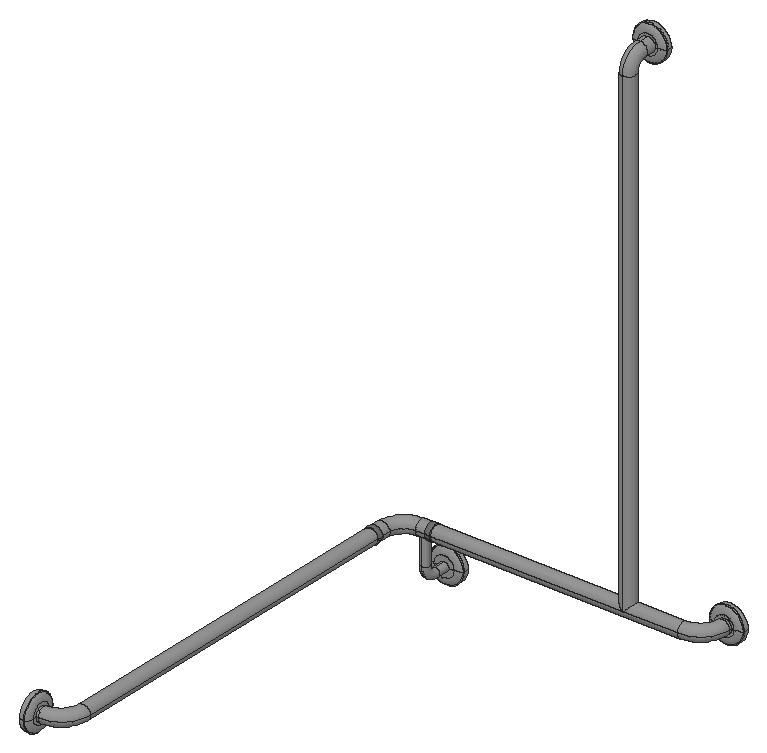
Revit family "RBA4110-754", category Plumbing Fixtures, Revit 2021
Family settings
  Round Connector Dimension = Use Diameter
  Part Type = Normal
  Work Plane-Based = No
  Always vertical = Yes
  Cut with Voids When Loaded = No
  Shared = No
  Room Calculation Point = No
Parameters (values of type "RBA4110-754")
  Watermarked By = "www.rba.com.au"
  URL = "http://www.rba.com.au/accessible-disabled/grab-rails"
  R_Void [instance] = 15.00 mm
  R [instance] = 0.00 mm
  Phone Number = "1300 788 778"
  Modified Issue = "20190911.01"
  Model = "RBA4110-754"
  Materials and Finishes = Stainless Steel, Satin Finish
  Manufacturer = "RBA Group"  # constant formula
  Description = "2 Wall Grab Bar with 90° Angled Shower Rail"
  Default Elevation = 0.00 mm
  Copyright by = "RBA Group"  # constant formula
  Assembly Code = ""
Reference planes
  plane 1 "Center (Front/Back)": y = 0
  plane 2: z = 0
  plane 3: x = 40.5
  plane 4: z = 1100
  plane 5: z = -100
  plane 6: y = -246
  plane 7: y = -1000
  plane 8: x = 790.5
  plane 9: x = 620.5
  plane 10: x = 177.05
  plane 11: x = 157.95
  plane 12: y = -71
  plane 13: x = 127.5
  plane 14: x = 95.5
  plane 15: y = -87
  plane 16: x = 167.5
Forms (mm)
  Sweep 1, solid, material "Stainless Steel, Satin Finish" <- "Materials and Finishes"
    path origin (620.6, 11.454, 1100) x (0, -1, 0) y (0, 0, -1)
      loop
        line (21.454, 0) -> (50.454, 0)
        arc (50.454, 0) -> (73.082, 9.373) -> (82.454, 32) r 32
        line (82.454, 32) -> (82.454, 1100)
    profile origin (620.6, -24.5, 1100) x (0, 0, -1) y (1, 0, 0)
      loop
        circle (0, 0) r 16
  Sweep 2, solid, material "Stainless Steel, Satin Finish" <- "Materials and Finishes"
    path origin (81, 0, 0) x (-1, 0, 0) y (0, -1, 0)
      loop
        line (32.412, 1000) -> (17.5, 1000)
        arc (17.5, 1000) -> (-16.441, 985.941) -> (-30.5, 952) r 48
        line (-30.5, 952) -> (-30.5, 119)
        arc (-30.5, 119) -> (-44.559, 85.059) -> (-78.5, 71) r 48
        line (-78.5, 71) -> (-661.5, 71)
        arc (-661.5, 71) -> (-695.441, 56.941) -> (-709.5, 23) r 48
        line (-709.5, 23) -> (-709.5, 7.508)
    profile origin (790.5, -15.254, 0) x (-1, 0, 0) y (0, 0, 1)
      loop
        circle (0, 0) r 16
  Revolve 3, solid, material "Stainless Steel, Satin Finish" <- "Materials and Finishes"
    sketch origin (790.5, 18.663, 0) x (0, -1, 0) y (1, 0, 0)
      loop
        line (18.663, 37.8) -> (27.574, 37.8)
        arc (27.574, 37.8) -> (28.266, 37.668) -> (28.861, 37.29) r 1.88
        arc (28.861, 37.29) -> (33.449, 30.496) -> (34.671, 22.391) r 18.6
        line (34.671, 22.391) -> (34.671, 0) -> (35.671, 0) -> (35.671, 22.355)
        arc (35.671, 22.355) -> (34.374, 30.877) -> (29.546, 38.018) r 19.6
        arc (29.546, 38.018) -> (28.635, 38.597) -> (27.574, 38.8) r 2.88
        line (27.574, 38.8) -> (18.663, 38.8) -> (18.663, 37.8)
      axis (18.663, 0) -> (35.671, 0)
    angle from 0 to 360
  Extrusion 4, void
    sketch origin (81, 0, 0) x (-1, 0, 0) y (0, 0, -1)
      loop
        circle (-695.25, -24.393) r 3.25
      loop
        circle (-723.75, -24.393) r 3.25
      loop
        circle (-737.75, 0) r 3.25
      loop
        circle (-723.75, 24.393) r 3.25
      loop
        circle (-695.25, 24.393) r 3.25
      loop
        circle (-681.25, 0) r 3.25
    from 0 to 5
  Revolve 5, solid, material "Stainless Steel, Satin Finish" <- "Materials and Finishes"
    sketch origin (1036.6, -40.5, 0) x (0, 1, 0) y (-1, 0, 0)
      loop
        line (24.492, 246.1) -> (24.492, 223.709)
        arc (24.492, 223.709) -> (25.714, 215.604) -> (30.302, 208.81) r 18.6
        arc (30.302, 208.81) -> (30.897, 208.432) -> (31.59, 208.3) r 1.88
        line (31.59, 208.3) -> (39.5, 208.3) -> (39.5, 246.1) -> (24.492, 246.1)
      axis (24.492, 246.1) -> (39.5, 246.1)
    angle from 0 to 360
  Revolve 6, solid, material "Stainless Steel, Satin Finish" <- "Materials and Finishes"
    sketch origin (620.5, 18.663, 1100) x (0, -1, 0) y (1, 0, 0)
      loop
        line (18.663, 37.8) -> (27.574, 37.8)
        arc (27.574, 37.8) -> (28.266, 37.668) -> (28.861, 37.29) r 1.88
        arc (28.861, 37.29) -> (33.449, 30.496) -> (34.671, 22.391) r 18.6
        line (34.671, 22.391) -> (34.671, 0) -> (35.671, 0) -> (35.671, 22.355)
        arc (35.671, 22.355) -> (34.374, 30.877) -> (29.546, 38.018) r 19.6
        arc (29.546, 38.018) -> (28.635, 38.597) -> (27.574, 38.8) r 2.88
        line (27.574, 38.8) -> (18.663, 38.8) -> (18.663, 37.8)
      axis (18.663, 0) -> (35.671, 0)
    angle from 0 to 360
  Extrusion 7, void
    sketch origin (-89, 0, 1100) x (-1, 0, 0) y (0, 0, -1)
      loop
        circle (-695.25, -24.393) r 3.25
      loop
        circle (-723.75, -24.393) r 3.25
      loop
        circle (-737.75, 0) r 3.25
      loop
        circle (-723.75, 24.393) r 3.25
      loop
        circle (-695.25, 24.393) r 3.25
      loop
        circle (-681.25, 0) r 3.25
    from 0 to 5
  Revolve 8, solid, material "Stainless Steel, Satin Finish" <- "Materials and Finishes"
    sketch origin (866.6, -40.5, 1100) x (0, 1, 0) y (-1, 0, 0)
      loop
        line (24.492, 246.1) -> (24.492, 223.709)
        arc (24.492, 223.709) -> (25.714, 215.604) -> (30.302, 208.81) r 18.6
        arc (30.302, 208.81) -> (30.897, 208.432) -> (31.59, 208.3) r 1.88
        line (31.59, 208.3) -> (39.5, 208.3) -> (39.5, 246.1) -> (24.492, 246.1)
      axis (24.492, 246.1) -> (39.5, 246.1)
    angle from 0 to 360
  Sweep 9, solid, material "Stainless Steel, Satin Finish" <- "Materials and Finishes"
    path origin (167.5, 11.454, -85) x (0, -1, 0) y (0, 0, 1)
      loop
        line (20.454, -15) -> (54.454, -15)
        arc (54.454, -15) -> (74.253, -6.799) -> (82.454, 13) r 28
        line (82.454, 13) -> (82.454, 85)
    profile origin (167.5, -26, -100) x (0, 0, 1) y (-1, 0, 0)
      loop
        circle (0, 0) r 9.55
  Revolve 10, solid, material "Stainless Steel, Satin Finish" <- "Materials and Finishes"
    sketch origin (21.837, -1000, 0) x (1, 0, 0) y (0, 1, 0)
      loop
        line (18.663, 37.8) -> (27.574, 37.8)
        arc (27.574, 37.8) -> (28.266, 37.668) -> (28.861, 37.29) r 1.88
        arc (28.861, 37.29) -> (33.449, 30.496) -> (34.671, 22.391) r 18.6
        line (34.671, 22.391) -> (34.671, 0) -> (35.671, 0) -> (35.671, 22.355)
        arc (35.671, 22.355) -> (34.374, 30.877) -> (29.546, 38.018) r 19.6
        arc (29.546, 38.018) -> (28.635, 38.597) -> (27.574, 38.8) r 2.88
        line (27.574, 38.8) -> (18.663, 38.8) -> (18.663, 37.8)
      axis (18.663, 0) -> (35.671, 0)
    angle from 0 to 360
  Extrusion 11, void
    sketch origin (40.5, -1709.5, 0) x (0, -1, 0) y (0, 0, -1)
      loop
        circle (-695.25, -24.393) r 3.25
      loop
        circle (-723.75, -24.393) r 3.25
      loop
        circle (-737.75, 0) r 3.25
      loop
        circle (-723.75, 24.393) r 3.25
      loop
        circle (-695.25, 24.393) r 3.25
      loop
        circle (-681.25, 0) r 3.25
    from 0 to 5
  Revolve 12, solid, material "Stainless Steel, Satin Finish" <- "Materials and Finishes"
    sketch origin (81, -753.9, 0) x (-1, 0, 0) y (0, -1, 0)
      loop
        line (24.492, 246.1) -> (24.492, 223.709)
        arc (24.492, 223.709) -> (25.714, 215.604) -> (30.302, 208.81) r 18.6
        arc (30.302, 208.81) -> (30.897, 208.432) -> (31.59, 208.3) r 1.88
        line (31.59, 208.3) -> (39.5, 208.3) -> (39.5, 246.1) -> (24.492, 246.1)
      axis (24.492, 246.1) -> (39.5, 246.1)
    angle from 0 to 360
  Revolve 13, solid, material "Stainless Steel, Satin Finish" <- "Materials and Finishes"
    sketch origin (167.5, 18.663, -100) x (0, -1, 0) y (1, 0, 0)
      loop
        line (18.663, 37.8) -> (27.574, 37.8)
        arc (27.574, 37.8) -> (28.266, 37.668) -> (28.861, 37.29) r 1.88
        arc (28.861, 37.29) -> (33.449, 30.496) -> (34.671, 22.391) r 18.6
        line (34.671, 22.391) -> (34.671, 0) -> (35.671, 0) -> (35.671, 22.355)
        arc (35.671, 22.355) -> (34.374, 30.877) -> (29.546, 38.018) r 19.6
        arc (29.546, 38.018) -> (28.635, 38.597) -> (27.574, 38.8) r 2.88
        line (27.574, 38.8) -> (18.663, 38.8) -> (18.663, 37.8)
      axis (18.663, 0) -> (35.671, 0)
    angle from 0 to 360
  Extrusion 14, void
    sketch origin (-542, 0, -100) x (-1, 0, 0) y (0, 0, -1)
      loop
        circle (-695.25, -24.393) r 3.25
      loop
        circle (-723.75, -24.393) r 3.25
      loop
        circle (-737.75, 0) r 3.25
      loop
        circle (-723.75, 24.393) r 3.25
      loop
        circle (-695.25, 24.393) r 3.25
      loop
        circle (-681.25, 0) r 3.25
    from 0 to 5
  Revolve 15, solid, material "Stainless Steel, Satin Finish" <- "Materials and Finishes"
    sketch origin (413.6, -40.5, -100) x (0, 1, 0) y (-1, 0, 0)
      loop
        line (24.492, 246.1) -> (24.492, 223.709)
        arc (24.492, 223.709) -> (25.714, 215.604) -> (30.302, 208.81) r 18.6
        arc (30.302, 208.81) -> (30.897, 208.432) -> (31.59, 208.3) r 1.88
        line (31.59, 208.3) -> (39.5, 208.3) -> (39.5, 246.1) -> (24.492, 246.1)
      axis (24.492, 246.1) -> (39.5, 246.1)
    angle from 0 to 360
  Revolve 16, solid, material "Rubber, Black"
    sketch origin (81, 0, 0) x (-1, 0, 0) y (0, -1, 0)
      loop
        arc (-110.7, 54.3) -> (-104.7, 53.6) -> (-98.7, 54.3) r 26.064
        line (-98.7, 54.3) -> (-98.7, 71) -> (-110.7, 71) -> (-110.7, 54.3)
      axis (-110.7, 71) -> (-98.7, 71)
    angle from 0 to 360
  Revolve 17, solid, material "Rubber, Black"
    sketch origin (40.5, -249.9, 0) x (0, -1, 0) y (1, 0, 0)
      loop
        arc (-110.7, 54.3) -> (-104.7, 53.6) -> (-98.7, 54.3) r 26.064
        line (-98.7, 54.3) -> (-98.7, 71) -> (-110.7, 71) -> (-110.7, 54.3)
      axis (-110.7, 71) -> (-98.7, 71)
    angle from 0 to 360
Cuts and joins
  Extrusion 4 cuts Revolve 5
  Extrusion 7 cuts Revolve 8
  Extrusion 11 cuts Revolve 12
  Extrusion 14 cuts Revolve 15
  joined: Sweep 1, Sweep 2, Revolve 3, Revolve 6, Sweep 9, Revolve 10, Revolve 13
Dimensions and locks
  plane 4 to level = 1100.00 mm
  plane 2 to plane 5 = 100.00 mm
  radius of Sweep 1 sketch curve = 16.00 mm
